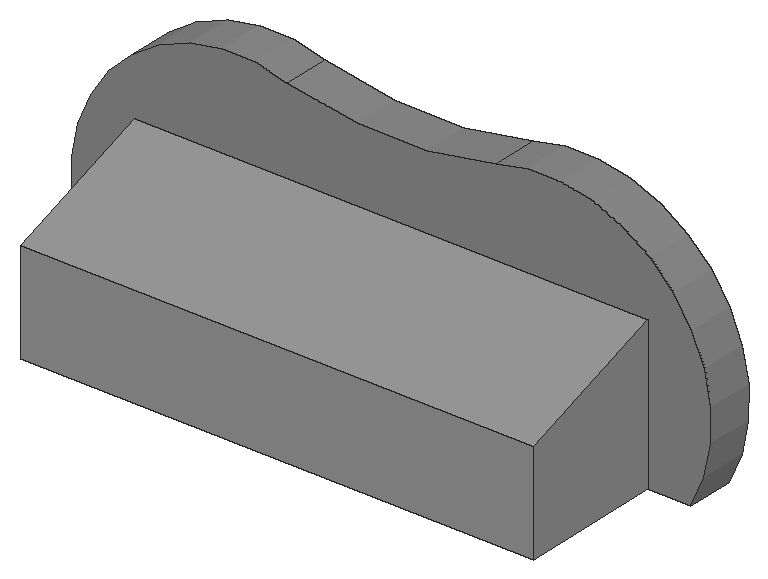
Revit family "AquaWave-Lavatory-2_Station-Willoughby-WAW-2322-DMF", category Plumbing Fixtures, Revit 2015
Parameters (values of type "Standard")
  Waste Connection = yes
  URL = "https://www.willoughby-ind.com/wp-content/uploads/2018/01/WAW-2322-DMF.pdf"
  Stainless Steel = Stainless Steel AISI 304-Willoughby
  Revision = "A"
  Model = "WAW-2322"
  Manufacturer = "Willoughby Industries"
  HW Connection = yes
  Description = "2 Station Aquawave Lavatory"
  DRAIN RAD = DRAIN DIA / 2  # 3/4"
  DRAIN DIA = 1 1/2"
  HW INLET RAD = HW INLET DIA / 2  # 1/4"
  HW INLET DIA = 1/2"
  Default Elevation = 0' - 0"
  Contact Info = "(800) 428-4065"
  CW INLET RAD = CW INLET DIA / 2  # 1/4"
  CW INLET DIA = 1/2"
  CW Connection = yes
  Aquasurf Solid Surface = Solid Surface Acrylic Resin-Willoughby
Reference planes (in)
  plane 1 "Center (Front/Back)": y = 0
  plane 2: z = 0
  plane 3 "Center (Left/Right)": x = 0
  plane 4: y = 9.5
  plane 5: y = 24
  plane 6: x = 11.25
  plane 7: x = 8
  plane 8: x = 4
  plane 9: x = -11.25
  plane 10: z = 7
Forms (in)
  Extrusion 1, solid, material "Solid Surface Acrylic Resin-Willoughby" <- "Aquasurf Solid Surface"
    sketch origin (0, 4.5, 0) x (1, 0, 0) y (0, 0, 1)
      loop
        line (17.87534, 0) -> (17.87534, 3.92762)
        arc (17.87534, 3.92762) -> (17.70538, 4.73444) -> (17.22438, 5.40413) r 2
        arc (17.22438, 5.40413) -> (14.23497, 6.93004) -> (10.88566, 6.7129) r 6.32928
        arc (10.88566, 6.7129) -> (-0.12466, 4.86201) -> (-11.13499, 6.7129) r 33.67387
        arc (-11.13499, 6.7129) -> (-14.4843, 6.93004) -> (-17.47371, 5.40413) r 6.32928
        arc (-17.47371, 5.40413) -> (-17.9547, 4.73444) -> (-18.12466, 3.92762) r 2
        line (-18.12466, 3.92762) -> (-18.12466, 0) -> (17.87534, 0)
    from -31 to -29
  Extrusion 2, solid, material "Solid Surface Acrylic Resin-Willoughby" <- "Aquasurf Solid Surface"
    sketch origin (0, 4.5, 0) x (1, 0, 0) y (0, 0, 1)
      loop
        arc (25.625, 0) -> (24.15968, 15.84095) -> (8.90314, 20.34881) r 14.178
        arc (8.90314, 20.34881) -> (0, 19.18496) -> (-8.90314, 20.34881) r 34.63508
        arc (-8.90314, 20.34881) -> (-24.15968, 15.84095) -> (-25.625, 0) r 14.178
        line (-25.625, 0) -> (25.625, 0)
    from -29 to -25
  Extrusion 3, void, detail levels fine
    sketch origin (0, 4.5, 0) x (1, 0, 0) y (0, 0, 1)
      loop
        arc (11.01061, 6.85487) -> (14.35991, 7.07201) -> (17.34933, 5.5461) r 6.32928
        arc (17.34933, 5.5461) -> (17.83032, 4.87641) -> (18.00028, 4.06959) r 2
        line (18.00028, 4.06959) -> (18.00028, 4.30684)
        arc (18.00028, 4.30684) -> (18.30093, 3.25224) -> (19.11247, 2.5147) r 2
        arc (19.11247, 2.5147) -> (22.90713, 2.47471) -> (25.30069, 5.41951) r 4.36755
        arc (25.30069, 5.41951) -> (20.95434, 16.23428) -> (9.51008, 18.44313) r 12.178
        arc (9.51008, 18.44313) -> (0, 16.96526) -> (-9.51008, 18.44313) r 31.33763
        arc (-9.51008, 18.44313) -> (-20.95251, 16.23579) -> (-25.30124, 5.42422) r 12.178
        arc (-25.30124, 5.42422) -> (-22.90875, 2.47574) -> (-19.11191, 2.5147) r 4.36755
        arc (-19.11191, 2.5147) -> (-18.30036, 3.25224) -> (-17.99972, 4.30684) r 2
        line (-17.99972, 4.30684) -> (-17.99972, 4.06959)
        arc (-17.99972, 4.06959) -> (-17.82976, 4.87641) -> (-17.34876, 5.5461) r 2
        arc (-17.34876, 5.5461) -> (-14.35935, 7.07201) -> (-11.01004, 6.85487) r 6.32928
        arc (-11.01004, 6.85487) -> (0.00028, 5.00398) -> (11.01061, 6.85487) r 33.67387
    from -29 to -25.8795
  Extrusion 4, solid, material "Stainless Steel AISI 304-Willoughby" <- "Stainless Steel"
    sketch origin (0, 0, 0) x (0, 1, 0) y (0, 0, 1)
      loop
        line (29.5, 0) -> (29.5, 13) -> (17.25, 8.625) -> (17.25, 0) -> (29.5, 0)
    from -21.9375 to 21.9375
  Extrusion 5, solid, material "Stainless Steel AISI 304-Willoughby" <- "Stainless Steel"
    sketch origin (0, 0, 0) x (1, 0, 0) y (0, 1, 0)
      loop
        circle (11.25, 24) r 0.75
    from 0 to 1.4492
  Extrusion 6, solid, material "Stainless Steel AISI 304-Willoughby" <- "Stainless Steel"
    sketch origin (-22.5, 0, 0) x (1, 0, 0) y (0, 1, 0)
      loop
        circle (11.25, 24) r 0.75
    from 0 to 1.4492
  Extrusion 7, solid, material "Stainless Steel AISI 304-Willoughby" <- "Stainless Steel"
    sketch origin (-3.25, 0, 0) x (1, 0, 0) y (0, 1, 0)
      loop
        circle (11.25, 24) r 0.25
    from 0 to 1.4492
  Extrusion 8, solid, material "Stainless Steel AISI 304-Willoughby" <- "Stainless Steel"
    sketch origin (-7.25, 0, 0) x (1, 0, 0) y (0, 1, 0)
      loop
        circle (11.25, 24) r 0.25
    from 0 to 1.4492
  Extrusion 9, void, detail levels fine
    sketch origin (0, 30.3795, 0) x (1, 0, 0) y (0, 0, 1)
      loop
        circle (11.25, 10.25) r 1.25
      loop
        circle (-11.25, 10.25) r 1.25
    from 0 to 0.01562
Cuts and joins
  Extrusion 9 cuts Extrusion 1
  Extrusion 3, Extrusion 9 cuts Extrusion 2
  joined: Extrusion 1, Extrusion 2
  Extrusion 9 cuts Extrusion 4
Lines and regions (in)
  symbolic lines
    curve 1: arc (25.625, 0, 0) -> (24.15968, 0, 15.84095) -> (8.90314, 0, 20.34881) r 14.178
    curve 2: arc (8.90314, 0, 20.34881) -> (0, 0, 19.18496) -> (-8.90314, 0, 20.34881) r 34.63508
    curve 3: arc (-8.90314, 0, 20.34881) -> (-24.15968, 0, 15.84095) -> (-25.625, 0, 0) r 14.178
    curve 4: line (-25.625, 0, 0) -> (25.625, 0, 0)
    curve 10: line (-20.6875, 29.5, 0) -> (-20.6875, 9.5, 0)
    curve 11: line (-20.6875, 9.5, 0) -> (20.6875, 9.5, 0)
    curve 12: line (20.6875, 9.5, 0) -> (20.6875, 29.5, 0)
    curve 13: line (27.38375, 29.5, 0) -> (-27.38375, 29.5, 0)
    curve 14: line (-27.38375, 29.5, 0) -> (-27.38375, 33.5, 0)
    curve 15: line (-27.38375, 33.5, 0) -> (27.38375, 33.5, 0)
    curve 16: line (27.38375, 33.5, 0) -> (27.38375, 29.5, 0)
    curve 17: line (-8.90314, 29.5, 0) -> (-8.90314, 33.5, 0)
    curve 18: line (8.90314, 33.5, 0) -> (8.90314, 29.5, 0)
    curve 19: line (18, 33.5, 0) -> (18, 35.5, 0)
    curve 20: line (-18, 35.5, 0) -> (-18, 33.5, 0)
    curve 21: line (0, 29.5, 12.25) -> (0, 9.5, 9.4375)
    curve 22: line (0, 9.5, 9.4375) -> (0, 9.5, 0)
    curve 23: line (0, 9.5, 0) -> (0, 35.5, 0)
    curve 24: line (0, 35.5, 7) -> (0, 35.5, 0)
    curve 25: line (0, 35.5, 7) -> (0, 33.5, 7)
    curve 26: line (0, 33.5, 0) -> (0, 33.5, 21.01744)
    curve 27: line (0, 33.5, 21.01744) -> (0, 29.5, 21.01744)
    curve 28: line (0, 29.5, 21.01744) -> (0, 29.5, 0)
    curve 29: line (25.625, 0, 0) -> (-25.625, 0, 0)
    curve 32: arc (17.87534, 0, 3.92762) -> (17.70538, 0, 4.73444) -> (17.22438, 0, 5.40413) r 2
    curve 33: arc (17.22438, 0, 5.40413) -> (14.23497, 0, 6.93004) -> (10.88566, 0, 6.7129) r 6.32928
    curve 34: arc (10.88566, 0, 6.7129) -> (-0.12466, 0, 4.86201) -> (-11.13499, 0, 6.7129) r 33.67387
    curve 35: arc (-11.13499, 0, 6.7129) -> (-14.4843, 0, 6.93004) -> (-17.47371, 0, 5.40413) r 6.32928
    curve 36: arc (-17.47371, 0, 5.40413) -> (-17.84321, 0, 4.90654) -> (-17.99972, 0, 4.30684) r 1.6262
    curve 37: arc (-17.99972, 0, 4.30684) -> (-18.04232, 0, 3.95536) -> (-18.12466, 0, 3.61102) r 3.10393
  symbolic lines, detail levels medium+fine
    curve 5: line (17.87534, 0, 0) -> (17.87534, 0, 3.92762)
    curve 6: line (-18.12466, 0, 0) -> (-18.12466, 0, 3.61102)
  symbolic lines, detail levels fine
    curve 7: arc (25.30097, 0, 5.42186) -> (20.95343, 0, 16.23504) -> (9.51008, 0, 18.44313) r 12.178
    curve 8: arc (9.51008, 0, 18.44313) -> (0, 0, 16.96526) -> (-9.51008, 0, 18.44313) r 31.33763
    curve 9: arc (-9.51008, 0, 18.44313) -> (-20.95343, 0, 16.23504) -> (-25.30097, 0, 5.42186) r 12.178
    curve 30: arc (-18.12466, 0, 3.30746) -> (-22.32909, 0, 2.27303) -> (-25.30097, 0, 5.42186) r 4.29877
    curve 31: arc (25.30097, 0, 5.42186) -> (22.15669, 0, 2.20878) -> (17.87534, 0, 3.58006) r 4.27889
Dimensions and locks (in)
  locked: plane 4 to plane 1 "Center (Front/Back)" at 9.5
  Extrusion 4 to Extrusion 4 = 3' - 7 7/8"
  locked: plane 1 "Center (Front/Back)" to plane 5 at 24
  aligned and locked: cut or joined group of Extrusion 1, Extrusion 2, Extrusion 3, Extrusion 9 to curve 20
  aligned and locked: curve 19 to cut or joined group of Extrusion 1, Extrusion 2, Extrusion 3, Extrusion 9
Connectors (in)
  piping at (4, 24, 0), diameter 0.5, driven by "HW INLET RAD", driven by "HW Connection"
    settings: on Extrusion 8, index 1, connector inside diameter 1/2", connector length 0' - 0", flow factor 0, pipe flow 0 GPM, pressure drop 0.00 psi, fitting loss kfactor 0, connector angle 0.00°, fixture units 0, engagement length 0' - 0", angle of deflection 0.00°, flow configuration 0, flow direction 1, fitting loss method 0, system type 19, joint type 0, gender type 0, connector reference index -1, connector utility 1, adjustable connector no, is connector primary yes, connector description "Lav HW Supply"
  piping at (8, 24, 0), diameter 0.5, driven by "CW INLET RAD", driven by "CW Connection"
    settings: on Extrusion 7, index 2, connector inside diameter 1/2", connector length 0' - 0", flow factor 0, pipe flow 0 GPM, pressure drop 0.00 psi, fitting loss kfactor 0, connector angle 0.00°, fixture units 0, engagement length 0' - 0", angle of deflection 0.00°, flow configuration 0, flow direction 1, fitting loss method 0, system type 20, joint type 0, gender type 0, connector reference index -1, connector utility 1, adjustable connector no, is connector primary no, connector description "Lav CW Supply"
  piping at (-11.25, 24, 0), diameter 1.5, driven by "DRAIN RAD", driven by "Waste Connection"
    settings: on Extrusion 6, index 3, connector inside diameter 1 1/2", connector length 0' - 0", flow factor 0, pipe flow 0 GPM, pressure drop 0.00 psi, fitting loss kfactor 0, connector angle 0.00°, fixture units 0, engagement length 0' - 0", angle of deflection 0.00°, flow configuration 0, flow direction 2, fitting loss method 0, system type 16, joint type 0, gender type 0, connector reference index -1, connector utility 1, adjustable connector yes, is connector primary no, connector description "Lav Drain"
  piping at (11.25, 24, 0), diameter 1.5, driven by "DRAIN RAD", driven by "Waste Connection"
    settings: on Extrusion 5, index 4, connector inside diameter 1 1/2", connector length 0' - 0", flow factor 0, pipe flow 0 GPM, pressure drop 0.00 psi, fitting loss kfactor 0, connector angle 0.00°, fixture units 0, engagement length 0' - 0", angle of deflection 0.00°, flow configuration 0, flow direction 2, fitting loss method 0, system type 16, joint type 0, gender type 0, connector reference index -1, connector utility 1, adjustable connector yes, is connector primary no, connector description "Lav Drain"
